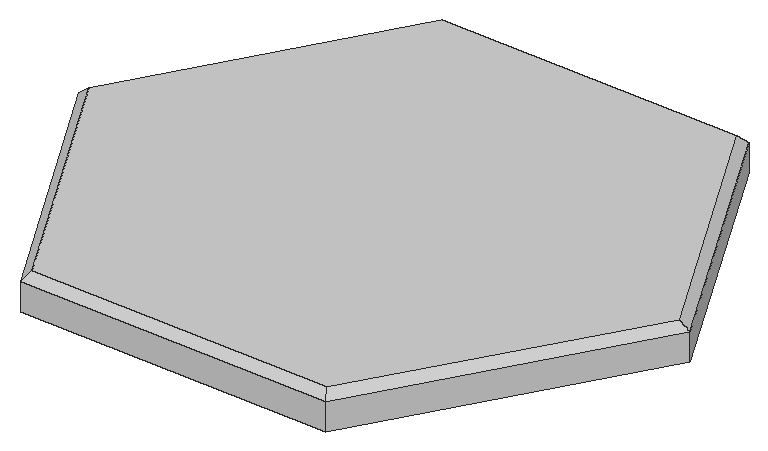
Revit family "LARGE (24) HEXAGON", category Specialty Equipment, Revit 2023
Family settings
  Round Connector Dimension = Use Diameter
  Part Type = Normal
  OmniClass Number = 23.35.00.00
  OmniClass Title = Covering, Cladding, and Finishes
  Work Plane-Based = Yes
  Enable Cutting in Views = Yes
  Always vertical = No
  Cut with Voids When Loaded = No
  Maintain Annotation Orientation = No
  Shared = No
  Room Calculation Point = No
Parameters (values of type "1-3/8 inch thick Primed White")
  URL = "https://www.acousticalsurfaces.com/envirocoustic-wood-wool/shapes/"
  Type Comments = "Acoustic Panels"
  Thickness = 0' - 1 3/8"
  Recycled Content Percentage = "0%"
  Model = "Envirocoustic Wood Wool"
  Material = "Envirocoustic Wood Wool"
  Manufacturer = "Acoustical Surfaces, Inc."
  Fire Rating = "ASTM E84 - Class A"
  Finish = Paint - Acoustical-Surfaces - Primed White
  Description = "Acoustic Panels"
  Default Elevation = 0' - 0"
  Assembly Code = "C30"
  Acoustics - NRC = "Sound absorption varies from NRC 0.45 to 0.95 based on installation method used when tested per ASTM C423."
Types (9): name | Thickness | Finish
  1-3/8 inch thick Primed White | 0' - 1 3/8" | Paint - Acoustical-Surfaces - Primed White
  1-3/8 inch thick Primed Clear | 0' - 1 3/8" | Paint - Acoustical-Surfaces - Primed Clear
  1-3/8 inch thick Custom Painted | 0' - 1 3/8" | Paint - Acoustical-Surfaces - Custom Painted
  2 inch thick Primed White | 0' - 2" | Paint - Acoustical-Surfaces - Primed White
  2 inch thick Primed Clear | 0' - 2" | Paint - Acoustical-Surfaces - Primed Clear
  2 inch thick Custom Painted | 0' - 2" | Paint - Acoustical-Surfaces - Custom Painted
  1 inch thick Primed White | 0' - 1" | Paint - Acoustical-Surfaces - Primed White
  1 inch thick Primed Clear | 0' - 1" | Paint - Acoustical-Surfaces - Primed Clear
  1 inch thick Custom Painted | 0' - 1" | Paint - Acoustical-Surfaces - Custom Painted
Reference planes (in)
  plane 1 "Center (Front/Back)": y = 0
  plane 2: z = 0
  plane 3 "Center (Left/Right)": x = 0
  plane 4: z = 1.375
  plane 5: z = -1
  plane 6: x = -12
  plane 7: x = 12
  plane 8: y = 10.3923
  plane 9: y = -10.3923
Forms (in)
  Extrusion 1, solid, material "Paint - Acoustical-Surfaces - Primed White" <- "Finish"
    sketch origin (-2.75421, -1.46603, 0) x (1, 0, 0) y (0, 1, 0)
      loop
        line (14.75421, 1.46603) -> (8.75421, 11.85834) -> (-3.24579, 11.85834) -> (-9.24579, 1.46603) -> (-3.24579, -8.92627) -> (8.75421, -8.92627) -> (14.75421, 1.46603)
    from 0 to 1.375
  Sweep 2, void
    path origin (-2.75421, -1.46603, 1.375) x (1, 0, 0) y (0, 1, 0)
      loop
        line (8.75421, 11.85834) -> (-3.24579, 11.85834) -> (-9.24579, 1.46603) -> (-3.24579, -8.92627) -> (8.75421, -8.92627) -> (14.75421, 1.46603) -> (8.75421, 11.85834)
    profile "Triangle : Family2" origin (0, 10.3923, 1.375) x (0, -1, 0) y (0, 0, 1)
      loop
        line (0, 0) -> (0, -0.315) -> (0.315, 0) -> (0, 0)
Cuts and joins
  Sweep 2 cuts Extrusion 1
Dimensions and locks (in)
  "Thickness": plane 4 to level
  level to plane 5 = 0' - 1"
  aligned and locked: level to plane 2
  aligned and locked: Extrusion 1 to plane 4
Automatic sketch dimensions
  Sweep 2 sketch curve to Extrusion 1 = 0' - 0"  (x7)
  Extrusion 1 to Sweep 2 sketch curve = 0' - 0"  (x3)
